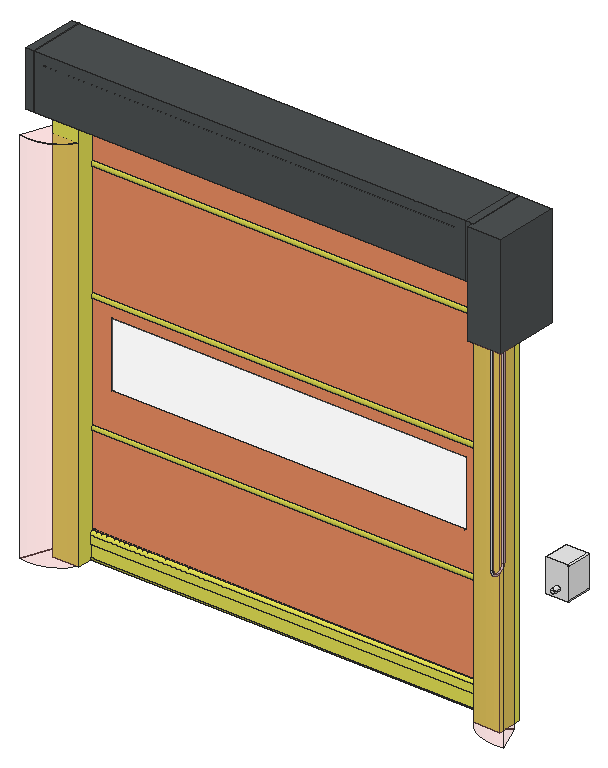
Revit family "Doors_Other_Overhead-Door-Corporation_RapidFlex-High-Speed-Exterior-Fabric-Door-993_new_", category Specialty Equipment, host Wall, Revit 2019 (continued)
Definition of nested family "Panel"
  Forms (in)
    Extrusion 9, solid, material <- "Window Material", visible <- "Many Window"
      from 0 to 0.16
    Extrusion 10, solid, material <- "Finish Material", visible <- "Struts Array Visibility"
      sketch origin (60, -180, -12.03597) x (0, 0, -1) y (0, -1, 0)
        loop
          line (-48.85597, -179.8315) -> (-48.70666, -179.8315) -> (-48.70666, -180.0085) -> (-48.85597, -180.0085)
          spline (-48.85597, -180.0085) -> (-48.79308, -180.09146) -> (-48.69212, -180.16584) -> (-48.55813, -180.22795) -> (-48.39782, -180.27467) -> (-48.21919, -180.30367) -> (-48.03116, -180.3135) -> (-47.84313, -180.30367) -> (-47.6645, -180.27467) -> (-47.50418, -180.22795) -> (-47.3702, -180.16584) -> (-47.26924, -180.09146) -> (-47.20635, -180.0085)
          line (-47.20635, -180.0085) -> (-47.35566, -180.0085) -> (-47.35566, -179.8315) -> (-47.20635, -179.8315)
          spline (-47.20635, -179.8315) -> (-47.26924, -179.74854) -> (-47.3702, -179.67416) -> (-47.50418, -179.61205) -> (-47.6645, -179.56533) -> (-47.84313, -179.53633) -> (-48.03116, -179.5265) -> (-48.21919, -179.53633) -> (-48.39782, -179.56533) -> (-48.55813, -179.61205) -> (-48.69212, -179.67416) -> (-48.79308, -179.74854) -> (-48.85597, -179.8315)
      from 0 to 120 <- "Width"
    Extrusion 11, solid, material <- "Finish Material", visible <- "Struts 1 Visibility"
      sketch origin (0, 0, -0.15413) x (0, 1, 0) y (0, 0, 1)
        loop
          spline (-0.1685, 36.97413) -> (-0.25146, 36.91123) -> (-0.32584, 36.81027) -> (-0.38795, 36.67629) -> (-0.43467, 36.51597) -> (-0.46367, 36.33734) -> (-0.4735, 36.14931) -> (-0.46367, 35.96128) -> (-0.43467, 35.78265) -> (-0.38795, 35.62234) -> (-0.32584, 35.48835) -> (-0.25146, 35.38739) -> (-0.1685, 35.3245)
          line (-0.1685, 35.3245) -> (-0.1685, 35.47381) -> (0.0085, 35.47381) -> (0.0085, 35.3245)
          spline (0.0085, 35.3245) -> (0.09146, 35.38739) -> (0.16584, 35.48835) -> (0.22795, 35.62234) -> (0.27467, 35.78265) -> (0.30367, 35.96128) -> (0.3135, 36.14931) -> (0.30367, 36.33734) -> (0.27467, 36.51597) -> (0.22795, 36.67629) -> (0.16584, 36.81027) -> (0.09146, 36.91123) -> (0.0085, 36.97413)
          line (0.0085, 36.97413) -> (0.0085, 36.82481) -> (-0.1685, 36.82481) -> (-0.1685, 36.97413)
      from -60 to 60
    Extrusion 12, solid, material <- "Finish Material", visible <- "Struts Array Visibility", not visible
      sketch origin (60, -182.54876, -17.30986) x (0, 0, -1) y (0, -1, 0)
        loop
          line (-51.49533, -179.8315) -> (-51.34601, -179.8315) -> (-51.34601, -180.0085) -> (-51.49533, -180.0085)
          spline (-51.49533, -180.0085) -> (-51.43243, -180.09146) -> (-51.33147, -180.16584) -> (-51.19749, -180.22795) -> (-51.03717, -180.27467) -> (-50.85854, -180.30367) -> (-50.67051, -180.3135) -> (-50.48248, -180.30367) -> (-50.30385, -180.27467) -> (-50.14354, -180.22795) -> (-50.00955, -180.16584) -> (-49.90859, -180.09146) -> (-49.8457, -180.0085)
          line (-49.8457, -180.0085) -> (-49.99501, -180.0085) -> (-49.99501, -179.8315) -> (-49.8457, -179.8315)
          spline (-49.8457, -179.8315) -> (-49.90859, -179.74854) -> (-50.00955, -179.67416) -> (-50.14354, -179.61205) -> (-50.30385, -179.56533) -> (-50.48248, -179.53633) -> (-50.67051, -179.5265) -> (-50.85854, -179.53633) -> (-51.03717, -179.56533) -> (-51.19749, -179.61205) -> (-51.33147, -179.67416) -> (-51.43243, -179.74854) -> (-51.49533, -179.8315)
      from 0 to 120 <- "Width"
    Extrusion 13, solid, material <- "Finish Material", visible <- "Struts Array Visibility"
      sketch origin (60, -180, 23.96403) x (0, 0, -1) y (0, -1, 0)
        loop
          line (-48.85597, -179.8315) -> (-48.70666, -179.8315) -> (-48.70666, -180.0085) -> (-48.85597, -180.0085)
          spline (-48.85597, -180.0085) -> (-48.79308, -180.09146) -> (-48.69212, -180.16584) -> (-48.55813, -180.22795) -> (-48.39782, -180.27467) -> (-48.21919, -180.30367) -> (-48.03116, -180.3135) -> (-47.84313, -180.30367) -> (-47.6645, -180.27467) -> (-47.50418, -180.22795) -> (-47.3702, -180.16584) -> (-47.26924, -180.09146) -> (-47.20635, -180.0085)
          line (-47.20635, -180.0085) -> (-47.35566, -180.0085) -> (-47.35566, -179.8315) -> (-47.20635, -179.8315)
          spline (-47.20635, -179.8315) -> (-47.26924, -179.74854) -> (-47.3702, -179.67416) -> (-47.50418, -179.61205) -> (-47.6645, -179.56533) -> (-47.84313, -179.53633) -> (-48.03116, -179.5265) -> (-48.21919, -179.53633) -> (-48.39782, -179.56533) -> (-48.55813, -179.61205) -> (-48.69212, -179.67416) -> (-48.79308, -179.74854) -> (-48.85597, -179.8315)
      from 0 to 120 <- "Width"
    Extrusion 14, solid, material <- "Finish Material", visible <- "Struts Array Visibility"
      sketch origin (60, -180, 59.96403) x (0, 0, -1) y (0, -1, 0)
        loop
          line (-48.85597, -179.8315) -> (-48.70666, -179.8315) -> (-48.70666, -180.0085) -> (-48.85597, -180.0085)
          spline (-48.85597, -180.0085) -> (-48.79308, -180.09146) -> (-48.69212, -180.16584) -> (-48.55813, -180.22795) -> (-48.39782, -180.27467) -> (-48.21919, -180.30367) -> (-48.03116, -180.3135) -> (-47.84313, -180.30367) -> (-47.6645, -180.27467) -> (-47.50418, -180.22795) -> (-47.3702, -180.16584) -> (-47.26924, -180.09146) -> (-47.20635, -180.0085)
          line (-47.20635, -180.0085) -> (-47.35566, -180.0085) -> (-47.35566, -179.8315) -> (-47.20635, -179.8315)
          spline (-47.20635, -179.8315) -> (-47.26924, -179.74854) -> (-47.3702, -179.67416) -> (-47.50418, -179.61205) -> (-47.6645, -179.56533) -> (-47.84313, -179.53633) -> (-48.03116, -179.5265) -> (-48.21919, -179.53633) -> (-48.39782, -179.56533) -> (-48.55813, -179.61205) -> (-48.69212, -179.67416) -> (-48.79308, -179.74854) -> (-48.85597, -179.8315)
      from 0 to 120 <- "Width"
  Cuts and joins
    Extrusion 3, Extrusion 4, Extrusion 5 cuts Extrusion 1
  Dimensions and locks (in)
    equal spacing: plane 5, plane 3 "Center (Left/Right)", plane 6
    "Width": plane 5 to plane 6
    "Height Real": plane 4 to level
    locked: plane 7 to plane 5 at 8
    locked: plane 6 to plane 8 at 8
    "Window Height": plane 12 to plane 11
    locked: Extrusion 1 sketch curve to level at 0.5
    locked: Extrusion 6 sketch curve to level at 0.5
    locked: plane 7 to plane 9 at 14
    locked: plane 8 to plane 10 at 14
    "1 Window Offset": plane 5 to plane 14
    equal spacing: Extrusion 3 sketch curve, plane 14, Extrusion 3 sketch curve
    "Window Width": Extrusion 3 sketch curve to Extrusion 3 sketch curve
    "Window Width": plane 9 to Extrusion 4 sketch curve
    "Window Width": plane 10 to Extrusion 5 sketch curve
    equal spacing: Extrusion 2 sketch curve, plane 3 "Center (Left/Right)", Extrusion 2 sketch curve
    "Window Width": Extrusion 2 sketch curve to Extrusion 2 sketch curve
    equal spacing: plane 12, plane 15, plane 11
    equal spacing: Extrusion 7 sketch curve, plane 3 "Center (Left/Right)", cut or joined group of Extrusion 1, Extrusion 3, Extrusion 4, Extrusion 5
    "Window Width": Extrusion 7 sketch curve to Extrusion 7 sketch curve
    "Window Width": Extrusion 8 sketch curve to Extrusion 8 sketch curve
    "Window Width": Extrusion 9 sketch curve to Extrusion 9 sketch curve
    group 1 to group 2 = 0"  (x3)
    locked: plane 11 to level at 48
    locked: plane 16 to level at 36.82
    locked: plane 17 to plane 16 at 36
    equal spacing: group 6, group 5, group 4
    equal spacing: group 4, group 5, group 6  (x2)
    aligned and locked: plane 2 to level
    aligned and locked: Extrusion 1 sketch curve to plane 5
    aligned and locked: Extrusion 1 sketch curve to plane 6
    aligned and locked: Extrusion 1 sketch curve to plane 4
    aligned and locked: Extrusion 2 sketch curve to plane 12
    aligned and locked: Extrusion 2 sketch curve to plane 11
    aligned and locked: Extrusion 4 sketch curve to plane 12
    aligned and locked: Extrusion 4 sketch curve to plane 11
    aligned and locked: Extrusion 4 sketch curve to plane 9
    aligned and locked: Extrusion 5 sketch curve to plane 10
    aligned and locked: Extrusion 5 sketch curve to plane 12
    aligned and locked: Extrusion 5 sketch curve to plane 11
    aligned and locked: Extrusion 6 sketch curve to plane 5
    aligned and locked: Extrusion 6 sketch curve to plane 6
    aligned and locked: Extrusion 6 sketch curve to plane 4
    aligned and locked: Extrusion 3 sketch curve to plane 12
    aligned and locked: plane 11 to Extrusion 3 sketch curve
    aligned and locked: Extrusion 6 to plane 6
    aligned and locked: Extrusion 6 to plane 5
    aligned and locked: Extrusion 7 sketch curve to plane 12
    aligned and locked: plane 11 to Extrusion 7 sketch curve
    aligned and locked: plane 9 to Extrusion 8
    aligned and locked: plane 10 to Extrusion 9
    aligned and locked: Extrusion 9 to plane 11
    aligned and locked: Extrusion 8 to plane 11
    aligned and locked: Extrusion 11 to plane 6
    aligned and locked: plane 5 to Extrusion 11
    aligned and locked: Extrusion 10 to plane 16
    aligned and locked: Extrusion 13 to plane 17
    aligned and locked: Extrusion 11 to plane 16
    aligned and locked: Extrusion 10 to plane 6
    aligned and locked: Extrusion 13 to plane 6
  Automatic sketch dimensions
    Extrusion 8 sketch curve to Extrusion 8 sketch curve = 20"
    Extrusion 9 sketch curve to Extrusion 9 sketch curve = 20"
    Extrusion 12 sketch curve to Extrusion 12 sketch curve = 0"  (x4)
    Extrusion 12 sketch curve to Extrusion 12 sketch curve = 0.14931"  (x3)
    Extrusion 12 sketch curve to Extrusion 12 sketch curve = 1.351"
    Extrusion 12 sketch curve to Extrusion 12 sketch curve = 0.177"  (x2)
    Extrusion 12 sketch curve to Extrusion 12 sketch curve = 0.305"
    Extrusion 12 sketch curve to Extrusion 12 sketch curve = 0.3935"
    plane 1 "Center (Front/Back)" to Extrusion 11 sketch curve = 0.1685"
    Extrusion 11 sketch curve to Extrusion 11 sketch curve = 0"  (x4)
    Extrusion 11 sketch curve to Extrusion 11 sketch curve = 0.177"  (x2)
    Extrusion 11 sketch curve to plane 16 = 1.64963"
    Extrusion 11 sketch curve to Extrusion 11 sketch curve = 0.14931"  (x3)
    Extrusion 11 sketch curve to Extrusion 11 sketch curve = 1.351"
    Extrusion 11 sketch curve to Extrusion 11 sketch curve = 0.0885"
    Extrusion 11 sketch curve to Extrusion 11 sketch curve = 0.3935"
    Extrusion 10 sketch curve to Extrusion 10 sketch curve = 0"  (x4)
    Extrusion 10 sketch curve to Extrusion 10 sketch curve = 0.14931"  (x3)
    Extrusion 10 sketch curve to Extrusion 10 sketch curve = 1.351"
    Extrusion 10 sketch curve to Extrusion 10 sketch curve = 0.177"  (x2)
    Extrusion 10 sketch curve to Extrusion 10 sketch curve = 0.305"
    Extrusion 10 sketch curve to Extrusion 10 sketch curve = 0.3935"
    Extrusion 13 sketch curve to Extrusion 13 sketch curve = 0"  (x4)
    Extrusion 13 sketch curve to Extrusion 13 sketch curve = 0.14931"  (x3)
    Extrusion 13 sketch curve to Extrusion 13 sketch curve = 1.351"
    Extrusion 13 sketch curve to Extrusion 13 sketch curve = 0.177"  (x2)
    Extrusion 13 sketch curve to Extrusion 13 sketch curve = 0.305"
    Extrusion 13 sketch curve to Extrusion 13 sketch curve = 0.3935"
    Extrusion 14 sketch curve to Extrusion 14 sketch curve = 0"  (x4)
    Extrusion 14 sketch curve to Extrusion 14 sketch curve = 0.14931"  (x3)
    Extrusion 14 sketch curve to Extrusion 14 sketch curve = 1.351"
    Extrusion 14 sketch curve to Extrusion 14 sketch curve = 0.177"  (x2)
    Extrusion 14 sketch curve to Extrusion 14 sketch curve = 0.305"
    Extrusion 14 sketch curve to Extrusion 14 sketch curve = 0.3935"
Types (7): name | Three Phase Controller | One Phase Controller | External Transformer | Voltage | Number of Poles | Apparent Load Phase 3 | Apparent Load Phase 2 | Apparent Load Phase 1
  115 volts, one phase, 60 Hz (110-120V range) | no | yes | no | 115 V | 1 | 0 VA | 0 VA | 2300 VA
  208 volts, one phase, 60 Hz (190-207V range) | no | yes | yes | 208 V | 1 | 0 VA | 0 VA | 4160 VA
  208 volts, three phase, 60 Hz (190-207 V range) | yes | no | yes | 208 V | 3 | 2401.78 VA | 2401.78 VA | 2401.78 VA
  230 volts, one phase, 60 Hz (208-245V range) | no | yes | no | 230 V | 1 | 0 VA | 0 VA | 4600 VA
  230 volts, three phase, 60 Hz (208-245 V range) | yes | no | no | 230 V | 3 | 2655.81 VA | 2655.81 VA | 2655.81 VA
  460 volts, three phase, 60 Hz (456-495 V range) | yes | no | no | 460 V | 3 | 5311.62 VA | 5311.62 VA | 5311.62 VA
  575 volts, three phase, 60 Hz | yes | no | yes | 575 V | 3 | 6639.53 VA | 6639.53 VA | 6639.53 VA
